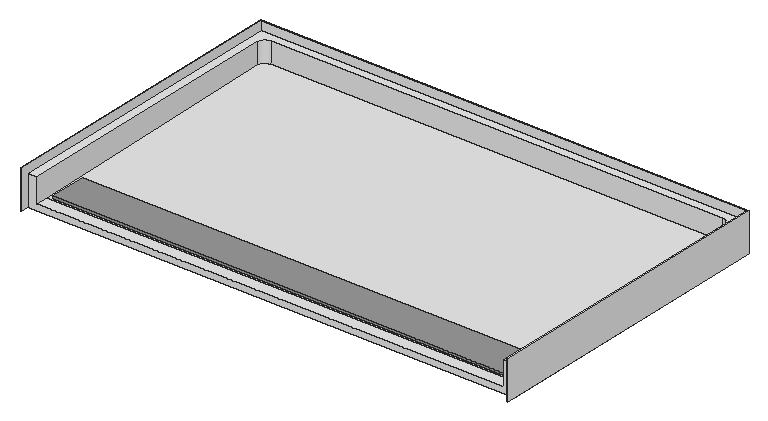
Revit family "P26036B75FTB.V3,A2FTB", category Plumbing Fixtures, Revit 2019
Family settings
  Round Connector Dimension = Use Diameter
  Part Type = Normal
  OmniClass Number = 23.45.05.14.17
  OmniClass Title = Showers
  Work Plane-Based = No
  Always vertical = Yes
  Cut with Voids When Loaded = No
  Shared = No
  Room Calculation Point = No
Parameters (values of type "P26036B75FTB.V3")
  Unit Width = 60"
  Unit Height = 5 3/4"
  Unit Depth = 37"
  URL = "http://www.bestbath.com"
  Type Comments = "ADA Compliant"
  Threshold Height = 3/4"
  Model = "P26036B75FTB.V3"
  Material [instance] = Best Bath Gelcoat Fiberglass - Smooth
  Manufacturer = "Best Bath Systems, Inc."
  Keynote = "22 40 00.B3"
  Description = "Trench Drain, Beveled Threshold"
  Assembly Code = "D2010710"
Types (3): name | Unit Height | Threshold Height | Model | Material
  (no name) | 5 3/4" | 3/4" | "P26036B75FTB.V3" | Best Bath Gelcoat Fiberglass - Smooth
  P26036B75FTB.V3 | 5 3/4" | 3/4" | "P26036B75FTB.V3" | Best Bath Gelcoat Fiberglass - Smooth
  P26036B2FTB.V3 | 7" | 2" | "P26036B2FTB.V3" | Best Bath Gelcoat Fiberglass - 8in Tile
Reference planes (in)
  plane 1 "Back": y = 0.56113
  plane 2: z = 0
  plane 3 "Left": x = 0
  plane 4: x = 60
  plane 5: y = -35.43887
  plane 6: z = 4.75
  plane 7: z = 0.75
  plane 8: z = 5.75
  plane 9: x = 30
  plane 10: z = 18.75
  plane 11: z = 34.75
  plane 12: y = -36.43887
  plane 13: x = 58.75
  plane 14: x = 1.25
  plane 15: y = -0.68887
  plane 16: y = -33.93887
  plane 17: y = -33.68994
  plane 18: y = -29.06494
  plane 19: z = 1.25
  plane 20: z = 1.5
  plane 21: z = 3.75
  plane 22: z = 4.75
  plane 23: z = -29.25
  plane 24: z = -28.25
  plane 25: z = 1
  plane 26: y = -31.68887
Forms (in)
  Extrusion 1, solid, material "Best Bath Gelcoat Fiberglass - Smooth"
    sketch origin (0, 0, 0) x (1, 0, 0) y (0, 1, 0)
      loop
        line (58.75, -35.43887) -> (60, -35.43887) -> (60, 0.56113) -> (0, 0.56113) -> (0, -35.43994) -> (1.25, -35.43994) -> (1.25, -1.68887)
        arc (1.25, -1.68887) -> (1.54289, -0.98177) -> (2.25, -0.68887) r 1
        line (2.25, -0.68887) -> (57.75, -0.68887)
        arc (57.75, -0.68887) -> (58.45711, -0.98177) -> (58.75, -1.68887) r 1
        line (58.75, -1.68887) -> (58.75, -35.43887)
    from 0 to 3.75
  Extrusion 2, solid, material "Stainless Steel, Brushed"
    sketch origin (0.0625, 1.68643, 6.67647) x (1, 0, 0) y (0, 1, 0)
      loop
        line (1.6875, -35.37637) -> (58.3125, -35.37637) -> (58.3125, -30.75137) -> (1.6875, -30.75137) -> (1.6875, -35.37637)
    from -5.67647 to -6.67647
  Extrusion 3, solid, material "Best Bath Gelcoat Fiberglass - Smooth"
    sketch origin (0, 0, 0) x (1, 0, 0) y (0, 1, 0)
      loop
        line (0, 0.56113) -> (0, -36.43887) -> (0.125, -36.43887) -> (0.125, 0.43613) -> (59.875, 0.43613) -> (59.875, -36.43887) -> (60, -36.43887) -> (60, 0.56113) -> (0, 0.56113)
    from 0 to 4.75
  Extrusion 4, solid, material "Best Bath Gelcoat Fiberglass - Smooth"
    sketch origin (0, 0, 0) x (0, 1, 0) y (0, 0, 1)
      loop
        line (-35.43994, 0) -> (-0.68887, 0) -> (-0.68887, 1.2295) -> (-33.93887, 0.74731) -> (-35.43994, 0.74731) -> (-35.43994, 0)
    from 0 to 60
  Extrusion 5, void
    sketch origin (0, 0, 0) x (1, 0, 0) y (0, 1, 0)
      loop
        circle (30, -31.68887) r 1.625
    from 0 to 0.75
Cuts and joins
  Extrusion 5 cuts Extrusion 1
  Extrusion 5 cuts Extrusion 4
  joined: Extrusion 1, Extrusion 4
  Extrusion 5 cuts Extrusion 2
Lines and regions (in)
  reference lines
    curve 1: line (0, -0.68887, 1.31898) -> (0, -35.28561, 0.75)
    curve 2: line (5.50541, 0.56113, 0) -> (5.50541, 0.56113, 0.75)
Dimensions and locks (in)
  "Unit Width": plane 3 "Left" to plane 4
  "Threshold Height": plane 7 to level
  locked: plane 8 to plane 6 at 1
  "Unit Height": plane 8 to level
  equal spacing: plane 3 "Left", plane 9, plane 4
  locked: plane 10 to plane 7 at 18
  locked: plane 11 to plane 7 at 34
  locked: plane 5 to plane 12 at 1
  plane 3 "Left" to Extrusion 2 = 58 3/8"
  locked: plane 3 "Left" to plane 14 at 1.25
  locked: plane 13 to plane 4 at 1.25
  locked: plane 15 to plane 1 "Back" at 1.25
  plane 17 to plane 18 = 4 5/8"  (x2)
  plane 19 to plane 7 = 1/2"
  plane 20 to plane 7 = 3/4"
  locked: plane 21 to plane 7 at 3
  locked: plane 22 to plane 21 at 1
  locked: plane 6 to plane 23 at 34
  locked: plane 24 to plane 23 at 1
  plane 25 to plane 7 = 1/4"
  "Unit Depth": plane 12 to plane 1 "Back"
  locked: plane 3 "Left" to Extrusion 2 at 1.75
  locked: Extrusion 2 to plane 4 at 1.625
  locked: plane 16 to plane 5 at 1.5
  locked: cut or joined group of Extrusion 1, Extrusion 4, Extrusion 5 to Extrusion 2 at 1.75
  plane 26 to plane 1 "Back" = 32 1/4"
  cut or joined group of Extrusion 1, Extrusion 4, Extrusion 5 to cut or joined group of Extrusion 1, Extrusion 4, Extrusion 5 = 34.75107"
  aligned and locked: level to plane 2
  aligned and locked: Extrusion 1 sketch curve to plane 4
  aligned and locked: Extrusion 1 sketch curve to plane 5
  aligned and locked: Extrusion 1 sketch curve to plane 14
  aligned and locked: plane 13 to Extrusion 1 sketch curve
  aligned and locked: plane 15 to Extrusion 1 sketch curve
  aligned and locked: plane 21 to Extrusion 1
  aligned and locked: level to Extrusion 4 sketch curve
  aligned and locked: plane 22 to Extrusion 3
  aligned and locked: Extrusion 2 to plane 25
  aligned and locked: Extrusion 4 to plane 4
  aligned and locked: Extrusion 4 to plane 3 "Left"
  aligned and locked: Extrusion 4 to Extrusion 1
  aligned and locked: plane 7 to Extrusion 5
  aligned and locked: Extrusion 5 to level
Automatic sketch dimensions
  Extrusion 3 sketch curve to plane 3 "Left" = 0"
  Extrusion 3 sketch curve to plane 12 = 0"  (x2)
  Extrusion 3 sketch curve to plane 4 = 0"
  plane 1 "Back" to Extrusion 3 sketch curve = 0"
  plane 4 to Extrusion 3 sketch curve = 1/8"
  plane 1 "Back" to Extrusion 3 sketch curve = 1/8"
  plane 3 "Left" to Extrusion 3 sketch curve = 1/8"
  plane 18 to Extrusion 2 sketch curve = 0"
  plane 17 to Extrusion 2 sketch curve = 0"
  plane 3 "Left" to Extrusion 2 sketch curve = 1 3/4"
  plane 4 to Extrusion 2 sketch curve = 1 5/8"
  Extrusion 1 sketch curve to plane 3 "Left" = 0"
  Extrusion 1 sketch curve to plane 5 = 0.00107"
  plane 1 "Back" to Extrusion 1 sketch curve = 0"
  Extrusion 1 sketch curve to Extrusion 1 sketch curve = 1"
  Extrusion 1 sketch curve to plane 13 = 1"
  curve 1 to plane 7 = 0"
  curve 1 to plane 20 = 0.18102"
  plane 1 "Back" to curve 1 = 1 1/4"
  Extrusion 4 sketch curve to plane 5 = 0.00107"
  plane 1 "Back" to Extrusion 4 sketch curve = 1 1/4"
  Extrusion 4 sketch curve to plane 7 = 0.00269"
  Extrusion 4 sketch curve to plane 19 = 0.0205"
  Extrusion 4 sketch curve to plane 16 = 0"
  curve 2 to plane 7 = 0"
  curve 2 to level = 0"
  plane 3 "Left" to curve 2 = 5.50541"
  plane 5 to curve 1 = 0.15327"
  Extrusion 5 sketch curve to plane 9 = 0"
  Extrusion 5 sketch curve to plane 26 = 0"
  radius of Extrusion 5 sketch curve = 1 5/8"
